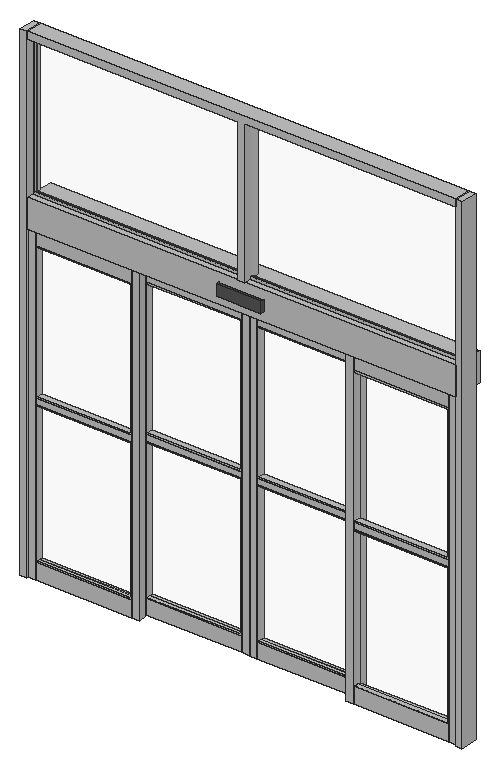
Revit family "Auto-Door_Sliding_BiPart_CurtainWall_Tormax_TX9200", category Doors, Revit 2026
Family settings
  Classification Number = 23.30.10.17.11
  Always vertical = Yes
  Cut with Voids When Loaded = No
  Shared = No
  Room Calculation Point = No
Parameters (values of type "Type as Specified")
  headerdepth = if(HD Drive, 0' 9 1/2", 0' 8")  # 0' - 8"
  Water Penetration = "as Specified"
  Warranty Duration (Years) = 0
  VLT [instance] = 0
  Unit Width [instance] = 9' - 10 3/4"
  Unit Height [instance] = 11' - 0"
  URL = "http://www.tormaxusa.com/"
  U-Factor [instance] = 0
  Transom Height [instance] = 3' - 4"
  Thickness = Frame Thickness  # 0' - 4 1/2"
  Test Data = ""
  Structural Test Pressure = "as Specified"
  Storm Impact Door = no
  Storm Door = no
  Standards Conformance = "as Specified"
  Specification = "http://www.arcat.com/sdspecs/htm/08463tor.htm"
  SpecWizard = ""
  Sensor Color [instance] = Metal - Tormax - Black
  Send Message = "http://www.arcat.com/users.pl?action=UserEmail&company=Tormax+Technologies,+Inc.&coid=43969&rep=108&fax=210-494-5930&mf="
  Sales Information = "http://www.tormaxusa.com/contact.php"
  SHGC [instance] = 0
  Revision = "R1_02-2014"
  ReportPackageWidth [instance] = 9' - 10.88605"
  ReportPackageHeight [instance] = 10' - 11 3/4"
  RO Width [instance] = Unit Width + (RO Spacing_Sides * 2)  # 9' - 11 1/4"
  RO Spacing_Top = 0' - 0 1/4"
  RO Spacing_Sides = 0' - 0 1/4"
  RO Height [instance] = Unit Height + (RO Spacing_Top)  # 11' - 0 1/4"
  Product Properties = ""
  Product Page URL = ""
  Product Data = "http://www.arcat.com/arcatcos/cos43/arc43969.html"
  Panel Width [instance] = (Unit Width / 4) + 0' 0 3/8"  # 2' - 6 1/16"
  Panel Thickness = 0' - 1 3/4"  # constant formula
  Operating Temperature Range = "as Specified"
  Miami Dade Conformance = "as Specified"
  Max Width [instance] = 16' - 0"
  Max Height [instance] = 8' - 8"
  Include Transom = yes
  Has Partial Breakout Capability = yes
  HD Drive = no
  Glazing Tint [instance] = Glass - Tormax - Glazing as Specified
  Glazing Thickness_Transom [instance] = 0' - 0 1/4"
  Glazing Thickness_Sliding Panel [instance] = 0' - 0 1/4"
  Glazing Thickness_Fixed Panel [instance] = 0' - 0 1/4"
  Glazing Stop Width [instance] = if(Storm Impact Door, 0' 1 1/4", 0' 0 1/4")  # 0' - 0 1/4"
  Frame Thickness = 0' - 4 1/2"  # constant formula
  Frame Finish [instance] = Metal - Tormax - Aluminum Finished as Specified
  Fixed Panel Material [instance] = Glass - Tormax - Glazing as Specified
  Egress Width [instance] = Clear Door Opening Width + 0' 8"  # 4' - 7 3/8"
  Door Threshold [instance] = 9200BP : No Threshold
  Door Stile_Operable Leaf_Wide [instance] = not(Door Stile_Operable Leaf_Narrow)  # no
  Door Stile_Operable Leaf_Narrow [instance] = yes
  Door Stile_Fixed Leaf_Wide [instance] = not(Door Stile_Fixed Leaf_Narrow)  # no
  Door Stile_Fixed Leaf_Narrow [instance] = yes
  Door Stile Width_Operable Leaf [instance] = if(Door Stile_Operable Leaf_Narrow, 0' 2 1/8", 0' 5 1/2")  # 0' - 2 1/8"
  Door Stile Width_Fixed Leaf [instance] = if(Door Stile_Fixed Leaf_Narrow, 0' 2 1/8", 0' 5 1/2")  # 0' - 2 1/8"
  Door Bottom Rail_Tall [instance] = not(Door Bottom Rail_Standard)  # no
  Door Bottom Rail_Standard [instance] = yes
  Door Bottom Rail Height [instance] = if(Door Bottom Rail_Standard, 0' 4", 0' 10")  # 0' - 4"
  Define Thermal Properties by = Schematic Type
  Clear Door Opening Width [instance] = (Panel Width - 0' 6 3/8") * 2  # 3' - 11 3/8"
  Clear Door Opening Height [instance] = Unit Height - Transom Height - 0' 7 3/4" - 0' 0 5/8"  # 6' - 11 5/8"
  CL Adjustment Location [instance] = 0' - 0"
  Model = "As Specified in 08463"
  Manufacturer Website = "http://www.tormaxusa.com/"
  Manufacturer Phone - Toll Free = "888-685-3707"
  Manufacturer Phone = "210-494-3551"
  Manufacturer Fax = "210-494-5930"
  Manufacturer Address = "12859 Wetmore Rd. San Antonio, TX 78247"
  Manufacturer = "TORMAX USA Inc."
  Maintenance Schedule (Months) = 0
  Keynote = "08463"
  Installation-Fabrication = ""
  Installation Phase = ""
  Green Building-LEED = "http://www.arcat.com/green/clients/leed_data_43969.html"
  Function = Interior
  Expected Lifespan (Years) = 0
  Drawn By = "Sumex Design, Inc. / Robert S. Weygant, CSI, CDT, SCIP"
  Description = "Tormax Automatic Sliding Door as Specified in 08463"
  Copyright = "©Arcat Inc."
  Construction Details = "http://www.arcat.com/details/tormax/tormax.html?coid=43969"
  CAD Details = ""
  Breakout Angle [instance] = 45.00°
  Backset from Panel CL [instance] = 0' - 0"
  Available Options = "as Specified"
  Assembly Code = "B2030110"
  Analytic Construction = "<None>"
  Air Infiltration = "as Specified"
  Access Control = no
Reference planes (in)
  plane 1 "Center (Front/Back": y = 0
  plane 2: z = 0
  plane 3 "Center (Left/Right)": x = -2.55803
  plane 4 "Left": x = -62.25106
  plane 5 "Right": x = 57.13499
  plane 6 "Top": z = 131.75
  plane 7: y = 0
  plane 8 "Frame CL": y = 0
  plane 9: y = 2.25
  plane 10: y = -2.25
  plane 11: x = -62.00106
  plane 12: x = 56.88499
  plane 13: z = 132
  plane 14: z = 91.75
Text (in)
  text "Exterior" at (-65.12119, 31.38743, 0), in view "Plan"
Dimensions and locks (in)
  equal spacing: plane 4 "Left", plane 3 "Center (Left/Right)", plane 5 "Right"
  "CL Adjustment Location": plane 1 "Center (Front/Back" to plane 7
  "Backset from Panel CL": plane 7 to plane 8 "Frame CL"
  equal spacing: plane 9, plane 8 "Frame CL", plane 10
  locked: plane 9 to plane 10 at 4.5
  "RO Spacing_Sides": plane 4 "Left" to plane 11
  "RO Spacing_Sides": plane 12 to plane 5 "Right"
  "RO Spacing_Top": plane 13 to plane 6 "Top"
  "ReportPackageWidth": plane 11 to plane 12
  "ReportPackageHeight": plane 6 "Top" to level
  "Transom Height": plane 6 "Top" to plane 14
  aligned and locked: nested 1 to plane 3 "Center (Left/Right)"
Nested families (in)
  nested 1: "9200BP" at (-2.55803, 0, 66) x (-1, 0, 0) z (0, 1, 0), stormimpact <- "Storm Impact Door", include transom <- "Include Transom", breakout <- "Has Partial Breakout Capability", accesscontrol <- "Access Control", breakout angle <- "Breakout Angle", doodad finish <- "Sensor Color", fixed glazing thickness <- "Glazing Thickness_Fixed Panel", glazing stop width <- "Glazing Stop Width", Unit Width <- "ReportPackageWidth", Unit Height <- "ReportPackageHeight", transom glazing <- "Glazing Tint", sliding panel glazing <- "Glazing Tint", fixed panel glazing <- "Fixed Panel Material", frame finish <- "Frame Finish", transom height <- "Transom Height", transom glass thickness <- "Glazing Thickness_Transom", stile width_operable <- "Door Stile Width_Operable Leaf", stile width_fixed <- "Door Stile Width_Fixed Leaf", sliding glazing thickness <- "Glazing Thickness_Sliding Panel", bottom rail height <- "Door Bottom Rail Height", type <- "Door Threshold", headerdepth <- "headerdepth", type "No Threshold"
    with transom height 3' - 4", transom glazing Glass - Tormax - Glazing as Specified, transom glass thickness 0' - 0 1/4", stormimpact no, stile width_operable 0' - 2 1/8", stile width_fixed 0' - 2 1/8", sliding panel glazing Glass - Tormax - Glazing as Specified, sliding glazing thickness 0' - 0 1/4", panelheightb 7' - 0", panelheighta 6' - 11 11/16", panel width 2' - 6.03401", panel thickness 0' - 1 3/4", nonimpact yes, locatepanelfromright 0' - 0", locatepanelfromleft 0' - 0", include transom yes, headerdepth 0' - 8", glazing stop width 0' - 0 1/4", frame finish Metal - Tormax - Aluminum Finished as Specified, fixed panel glazing Glass - Tormax - Glazing as Specified, fixed glazing thickness 0' - 0 1/4", doodad finish Metal - Tormax - Black, center rail width 0' - 1 3/4", breakout angle 45.00°, breakout yes, bottom rail height 0' - 4", air space 0' - 0 5/16", accesscontrol no, Unit Width 9' - 10.88605", Unit Height 10' - 11 3/4"
Definition of nested family "9200BP"
  Parameters (values of type "Bevel to Exterior Threshold")
    transom height [instance] = 3' - 4 3/16"
    transom glazing [instance] = none
    transom glass thickness [instance] = 0' - 1"
    surface threshold = yes
    stormimpact [instance] = no
    stile width_operable [instance] = 0' - 2 1/8"
    panelheightb [instance] = Unit Height - transom height - 0' 7 3/4" - (air space - 0' 0 5/16")  # 6' - 11 9/16"
    panelheighta [instance] = Unit Height - transom height - 0' 7 3/4" - air space  # 6' - 11 1/4"
    nonimpact [instance] = not(stormimpact)  # yes
    stile width_fixed [instance] = 0' - 2 1/8"
    sliding panel glazing [instance] = none
    panel width [instance] = (Unit Width + 0' 1 1/4") / 4  # 1' - 9 5/16"
    panel thickness [instance] = 0' - 1 3/4"
    locatepanelfromright [instance] = 0' - 0"  # constant formula
    locatepanelfromleft [instance] = 0' - 0"  # constant formula
    include transom [instance] = yes
    sliding glazing thickness [instance] = 0' - 0 1/2"
    headerdepth [instance] = 0' - 8"
    glazing stop width [instance] = 0' - 0 1/4"
    frame finish [instance] = none
    fixed panel glazing [instance] = none
    fixed glazing thickness [instance] = 0' - 0 1/4"
    doodad finish [instance] = none
    center rail width [instance] = if(accesscontrol, 0' 4 1/2", 0' 1 3/4")  # 0' - 4 1/2"
    breakout angle [instance] = 45.00°
    breakout [instance] = yes
    bottom rail height [instance] = 0' - 4"
    air space [instance] = if(surface threshold, 0' 0 13/16", 0' 0 5/16")  # 0' - 0 13/16"
    accesscontrol [instance] = yes
    Warranty Duration (Years) = 0
    Unit Width [instance] = 7' - 0"
    Unit Height [instance] = 11' - 0"
    Unit Depth = 2' - 8"
    URL = ""
    Threshold_recessed = no
    Threshold_double bevel = no
    Threshold_bevel interior = no
    Threshold_bevel exterior = yes
    Thickness = 0' - 2 1/8"
    Specification = ""
    SpecWizard = ""
    Send Message = ""
    Sales Information = ""
    Revision = "R1_01-2014"
    Product Properties = ""
    Product Data = ""
    Model = "As Specified"
    Manufacturer Website = ""
    Manufacturer Phone - Toll Free = ""
    Manufacturer Phone = ""
    Manufacturer Fax = ""
    Manufacturer Address = ""
    Manufacturer = ""
    Maintenance Schedule (Months) = 0
    Keynote = ""
    Installation-Fabrication = ""
    Installation Phase = ""
    Green Building-LEED = ""
    Expected Lifespan (Years) = 0
    Drawn By = "Sumex Design, Inc. / Robert S. Weygant, CSI, CDT, SCIP"
    Description = ""
    Define Thermal Properties by = 1
    Default Elevation = 0' - 0"
    Copyright = "©Arcat Inc."
    Construction Details = ""
    Assembly Code = ""
    Analytic Construction = "<None>"
  Types (5): name | surface threshold | stormimpact | stile width_operable | panelheightb | panelheighta | nonimpact | stile width_fixed | air space | Threshold_recessed | Threshold_double bevel | Threshold_bevel interior | Threshold_bevel exterior
    No Threshold | no | yes | 0' - 5 1/2" | 7' - 0 1/16" | 6' - 11 3/4" | no | 0' - 5 1/2" | 0' - 0 5/16" | no | no | no | no
    Recessed Threshold | no | yes | 0' - 2 1/8" | 7' - 0 1/16" | 6' - 11 3/4" | no | 0' - 2 1/8" | 0' - 0 5/16" | yes | no | no | no
    Bevel to Exterior Threshold | yes | no | 0' - 2 1/8" | 6' - 11 9/16" | 6' - 11 1/4" | yes | 0' - 2 1/8" | 0' - 0 13/16" | no | no | no | yes
    Bevel to Interior Threshold | yes | yes | 0' - 2 1/8" | 6' - 11 9/16" | 6' - 11 1/4" | no | 0' - 2 1/8" | 0' - 0 13/16" | no | no | yes | no
    Double Bevel Threshold | yes | yes | 0' - 2 1/8" | 6' - 11 9/16" | 6' - 11 1/4" | no | 0' - 2 1/8" | 0' - 0 13/16" | no | yes | no | no
  Reference planes (in)
    plane 1 "Center (Front/Back)": y = 0
    plane 2 "Bottom": z = 0
    plane 3 "Center (Left/Right)": x = 0
    plane 4 "FF": y = -66
    plane 5 "Top": y = 66
    plane 6 "Left": x = -42
    plane 7 "Right": x = 42
    plane 8: y = 25.8125
    plane 9: z = 0.5
    plane 10: z = -0.5
    plane 11: x = -40.25
    plane 12: x = 40.25
    plane 13: x = 0
    plane 14: y = -65.1875
    plane 15: z = 2.25
    plane 16: x = 40.25
    plane 17: z = -1.75
    plane 18: y = 18.0625
    plane 19: x = 10.65625
    plane 20: x = -20.125
    plane 21: x = 20.125
    plane 22: x = -10.65625
    plane 23: y = -65.5
    plane 24: z = -2.25
    plane 25: z = 5.75
  Forms (in)
    Extrusion 1, solid, material <- "frame finish"
      sketch origin (0, 0, 0) x (1, 0, 0) y (0, 0, 1)
        loop
          line (-42, -2.25) -> (-40.25, -2.25) -> (-40.25, 2.25) -> (-42, 2.25) -> (-42, -2.25)
        loop
          line (40.25, -2.25) -> (42, -2.25) -> (42, 2.25) -> (40.25, 2.25) -> (40.25, -2.25)
      from -66 to 66
    Extrusion 2, solid, material <- "frame finish", visible <- "include transom"
      sketch origin (0, 0, 0) x (0, 1, 0) y (0, 0, 1)
        loop
          line (66, 2.25) -> (64.1875, 2.25) -> (64.1875, -2.25) -> (66, -2.25) -> (66, 2.25)
      from -40.25 to 40.25
    Extrusion 3, solid, material <- "frame finish"
      sketch origin (0, 0, 0) x (0, 1, 0) y (0, 0, 1)
        loop
          line (25.8125, -2.25) -> (25.8125, 5.75) -> (18.0625, 5.75) -> (18.0625, -2.25) -> (25.8125, -2.25)
      from -40.25 to 40.25
    Extrusion 4, solid, material <- "transom glazing", visible <- "include transom"
      sketch origin (0, 0, 0) x (0, 1, 0) y (0, 0, 1)
        loop
          line (25.8125, -0.5) -> (64.1875, -0.5) -> (64.1875, 0.5) -> (25.8125, 0.5) -> (25.8125, -0.5)
      from -40.25 to 40.25
    Sweep 5, solid, material <- "frame finish", visible <- "include transom"
      path origin (0, 0, 0) x (1, 0, 0) y (0, 1, 0)
        loop
          line (-40.25, 64.1875) -> (-40.25, 25.8125) -> (40.25, 25.8125) -> (40.25, 64.1875) -> (-40.25, 64.1875)
      profile origin (0, 64.1875, 0) x (0, 1, 0) y (0, 0, 1)
        loop
          line (0, 0.5) -> (0, 0.5625) -> (-0.75, 0.5625) -> (-0.75, 0.5) -> (0, 0.5)
        loop
          line (0, -0.5) -> (-0.75, -0.5) -> (-0.75, -0.75) -> (0, -0.75) -> (0, -0.5)
    Extrusion 6, solid, material <- "frame finish", visible <- "Threshold_recessed"
      sketch origin (0, 0, 0) x (0, 1, 0) y (0, 0, 1)
        loop
          line (-66, 2.25) -> (-66.5, 2.25) -> (-66.5, -2.25) -> (-66, -2.25) -> (-66, 2.25)
      from -40.25 to 40.25
    Extrusion 7, solid, material <- "frame finish", visible <- "Threshold_bevel exterior"
      sketch origin (0, 0, 0) x (0, 1, 0) y (0, 0, 1)
        loop
          line (-66, -2.25) -> (-65.5, -2.25) -> (-65.5, 2.25) -> (-66, 4.25) -> (-66, -2.25)
      from -40.25 to 40.25
    Extrusion 8, solid, material <- "frame finish", visible <- "Threshold_bevel interior"
      sketch origin (0, 0, 0) x (0, 1, 0) y (0, 0, 1)
        loop
          line (-65.5, -2.25) -> (-65.5, 2.25) -> (-66, 2.25) -> (-66, -4.25) -> (-65.5, -2.25)
      from -40.25 to 40.25
    Extrusion 9, solid, material <- "frame finish", visible <- "Threshold_double bevel"
      sketch origin (0, 0, 0) x (0, 1, 0) y (0, 0, 1)
        loop
          line (-66, 4.25) -> (-66, -4.25) -> (-65.5, -2.25) -> (-65.5, 2.25) -> (-66, 4.25)
      from -40.25 to 40.25
    Extrusion 10, solid, material <- "doodad finish"
      sketch origin (0, 0, 0) x (0, 1, 0) y (0, 0, 1)
        loop
          line (23.4375, 5.75) -> (23.4375, 6.5) -> (20.4375, 6.5) -> (20.4375, 5.75) -> (23.4375, 5.75)
        loop
          line (23.4375, -3) -> (23.4375, -2.25) -> (20.4375, -2.25) -> (20.4375, -3) -> (23.4375, -3)
      from -6 to 6
    Extrusion 11, solid, material <- "frame finish", visible <- "include transom"
      sketch origin (0, 0, 0) x (0, 1, 0) y (0, 0, 1)
        loop
          line (64.1875, 2.25) -> (25.8125, 2.25) -> (25.8125, -2.25) -> (64.1875, -2.25) -> (64.1875, 2.25)
      from -0.875 to 0.875
  Cuts and joins
    joined: Extrusion 2, Extrusion 11
  Dimensions and locks (in)
    "Unit Width": plane 6 "Left" to plane 7 "Right"
    equal spacing: plane 5 "Top", plane 1 "Center (Front/Back)", plane 4 "FF"
    "Unit Height": plane 5 "Top" to plane 4 "FF"
    "transom height": plane 5 "Top" to plane 8
    locked: Extrusion 2 sketch curve to plane 5 "Top" at 1.8125
    locked: Extrusion 3 sketch curve to plane 8 at 7.75
    equal spacing: plane 10, level, plane 9
    "transom glass thickness": plane 10 to plane 9
    locked: Extrusion 4 sketch curve to plane 5 "Top" at 1.8125
    locked: plane 6 "Left" to Sweep 5 sketch curve at 1.75
    locked: Sweep 5 sketch curve to plane 7 "Right" at 1.75
    locked: plane 5 "Top" to Sweep 5 sketch curve at 1.8125
    locked: plane 9 to Sweep 5 sketch curve at 0.0625
    Sweep 5 sketch curve to Sweep 5 sketch curve to plane 5 "Top" = 0' - 0 3/4" locked, 0' - 1 13/16" locked  (x2)
    locked: Sweep 5 sketch curve to plane 10 at 0.25
    locked: plane 12 to plane 7 "Right" at 1.75
    locked: plane 6 "Left" to plane 11 at 1.75
    "air space": plane 14 to plane 4 "FF"
    locked: plane 18 to plane 8 at 7.75
    locked: plane 15 to level at 2.25
    plane 13 to plane 19 = 0' - 10 21/32"
    Extrusion 1 sketch curve to level to Extrusion 1 sketch curve = 0' - 2 1/4" locked, 0' - 2 1/4" locked  (x2)
    Extrusion 6 sketch curve to level to Extrusion 6 sketch curve = 0' - 2 1/4" locked, 0' - 2 1/4" locked
    locked: Extrusion 6 sketch curve to plane 4 "FF" at 0.5
    Extrusion 7 sketch curve to level to Extrusion 7 sketch curve to Extrusion 7 sketch curve = 0' - 2 1/4" locked, 0' - 2 1/4" locked, 0' - 2" locked
    Extrusion 8 sketch curve to Extrusion 8 sketch curve to level to Extrusion 8 sketch curve = 0' - 2" locked, 0' - 2 1/4" locked, 0' - 2 1/4" locked
    Extrusion 9 sketch curve to Extrusion 9 sketch curve to level to Extrusion 9 sketch curve to Extrusion 9 sketch curve = 0' - 2" locked, 0' - 2 1/4" locked, 0' - 2 1/4" locked, 0' - 2" locked
    locked: plane 4 "FF" to Extrusion 9 sketch curve at 0.5
    locked: plane 4 "FF" to Extrusion 7 sketch curve at 0.5
    locked: plane 4 "FF" to Extrusion 8 sketch curve at 0.5
    locked: plane 18 to Extrusion 10 sketch curve at 2.375  (x2)
    locked: Extrusion 10 sketch curve to plane 8 at 2.375  (x2)
    level to Extrusion 10 sketch curve to Extrusion 10 sketch curve = 0' - 2 1/4" locked, 0' - 0 3/4" locked
    equal spacing: plane 11, plane 20, plane 3 "Center (Left/Right)", plane 21, plane 12
    locked: plane 12 to plane 16
    plane 13 to plane 22 = 0' - 10 21/32"
    locked: level to plane 24 at 2.25
    locked: plane 17 to plane 24 at 0.5
    locked: plane 14 to plane 23 at 0.3125
    "headerdepth": plane 24 to plane 25
    locked: plane 25 to Extrusion 10 sketch curve at 0.75
    locked: Extrusion 11 sketch curve to plane 5 "Top" at 1.8125
    aligned and locked: Extrusion 1 to plane 5 "Top"
    aligned and locked: Extrusion 1 to plane 4 "FF"
    aligned and locked: plane 5 "Top" to Extrusion 2 sketch curve
    aligned and locked: plane 8 to Extrusion 3 sketch curve
    aligned and locked: plane 8 to Extrusion 4 sketch curve
    aligned and locked: Sweep 5 sketch curve to plane 8
    aligned and locked: plane 9 to Sweep 5 sketch curve
    aligned and locked: plane 10 to Sweep 5 sketch curve
    aligned and locked: plane 11 to Extrusion 1 sketch curve
    aligned and locked: plane 12 to Extrusion 1 sketch curve
    aligned and locked: Extrusion 1 sketch curve to plane 7 "Right"
    aligned and locked: plane 6 "Left" to Extrusion 1 sketch curve
    aligned and locked: Extrusion 2 to plane 11
    aligned and locked: Extrusion 4 to plane 11
    aligned and locked: plane 12 to Extrusion 4
    aligned and locked: plane 12 to Extrusion 2
    aligned and locked: plane 12 to Extrusion 3
    aligned and locked: Extrusion 3 to plane 11
    aligned and locked: plane 4 "FF" to Extrusion 6 sketch curve
    aligned and locked: Extrusion 9 sketch curve to plane 4 "FF"
    aligned and locked: plane 4 "FF" to Extrusion 7 sketch curve
    aligned and locked: plane 4 "FF" to Extrusion 8 sketch curve
    aligned and locked: plane 16 to Extrusion 7
    aligned and locked: plane 16 to Extrusion 9
    aligned: plane 13 to Extrusion 9
    aligned: plane 13 to Extrusion 7
    aligned and locked: plane 16 to Extrusion 8
    aligned: plane 13 to Extrusion 8
    aligned and locked: plane 16 to Extrusion 6
    aligned: plane 13 to Extrusion 6
    aligned and locked: plane 13 to plane 3 "Center (Left/Right)"
    aligned and locked: plane 11 to Extrusion 9
    aligned and locked: plane 11 to Extrusion 7
    aligned and locked: plane 11 to Extrusion 8
    aligned and locked: plane 11 to Extrusion 6
    aligned and locked: nested 2 to plane 14
    aligned and locked: plane 14 to nested 1
    aligned and locked: plane 15 to nested 1
    aligned and locked: nested 2 to plane 15
    aligned and locked: plane 23 to nested 3
    aligned and locked: plane 23 to nested 4
    aligned and locked: nested 4 to plane 17
    aligned and locked: nested 3 to plane 17
    aligned and locked: plane 11 to nested 3
    aligned and locked: plane 16 to nested 4
    aligned and locked: Extrusion 3 to plane 25
    aligned and locked: Extrusion 10 sketch curve to plane 25
    aligned and locked: nested 1 to plane 3 "Center (Left/Right)"
    aligned and locked: nested 2 to plane 3 "Center (Left/Right)"
    aligned and locked: plane 8 to Extrusion 11 sketch curve
  Automatic sketch dimensions
    Extrusion 2 sketch curve to level = 0' - 2 1/4"
    level to Extrusion 2 sketch curve = 0' - 2 1/4"
    Extrusion 3 sketch curve to level = 0' - 2 1/4"
    level to Extrusion 3 sketch curve = 0' - 5 3/4"
    plane 10 to Extrusion 4 sketch curve = 0' - 0"
    plane 9 to Extrusion 4 sketch curve = 0' - 0"
    plane 24 to Extrusion 11 sketch curve = 0' - 0"
    Extrusion 11 sketch curve to plane 15 = 0' - 0"
  Nested families (in)
    nested 1: "FramedPanel" at (10.65625, -23.5625, 1.375), stilewidth <- "stile width_operable", glazing thickness <- "sliding glazing thickness", glassstopwidth <- "glazing stop width", bottomrailheight <- "bottom rail height", Width <- "panel width", breakout angle <- "breakout angle", nonimpact <- "nonimpact", stormimpact <- "stormimpact", frame finish <- "frame finish", fixed panel glazing <- "sliding panel glazing", Height <- "panelheighta", centerrail <- "center rail width", doodad <- "doodad finish", type "FramedPanel"
      with stormimpact no, stilewidth 0' - 2 1/8", rightchannel yes, partialbreakout yes, nonimpact yes, leftchannel no, glazing thickness 0' - 0 1/2", glassstopwidth 0' - 0 1/4", frame finish none, fixed panel glazing none, doodad none, directionalarrowinterior yes, directionalarrowexterior no, centerrail 0' - 4 1/2", breakoutswing yes, breakout angle 45.00°, bottomrailheightactual 0' - 4", bottomrailheight 0' - 4", airspaceunderdoor 0' - 0", built-in parameter 1001301 1' - 9 5/16", built-in parameter 1001300 6' - 11 1/4"
    nested 2: "FramedPanel" at (-10.65625, -23.5625, 1.375) x (-1, 0, 0) z (0, 0, 1), stilewidth <- "stile width_operable", glazing thickness <- "sliding glazing thickness", glassstopwidth <- "glazing stop width", bottomrailheight <- "bottom rail height", Width <- "panel width", breakout angle <- "breakout angle", nonimpact <- "nonimpact", stormimpact <- "stormimpact", frame finish <- "frame finish", fixed panel glazing <- "sliding panel glazing", Height <- "panelheighta", centerrail <- "center rail width", doodad <- "doodad finish", type "FramedPanel"
      with stormimpact no, stilewidth 0' - 2 1/8", rightchannel yes, partialbreakout yes, nonimpact yes, leftchannel no, glazing thickness 0' - 0 1/2", glassstopwidth 0' - 0 1/4", frame finish none, fixed panel glazing none, doodad none, directionalarrowinterior yes, directionalarrowexterior no, centerrail 0' - 4 1/2", breakoutswing yes, breakout angle 45.00°, bottomrailheightactual 0' - 4", bottomrailheight 0' - 4", airspaceunderdoor 0' - 0", built-in parameter 1001301 1' - 9 5/16", built-in parameter 1001300 6' - 11 1/4"
    nested 3: "FramedPanel" at (-29.59375, -23.71875, -0.875), bottomrailheight <- "bottom rail height", stilewidth <- "stile width_fixed", glazing thickness <- "fixed glazing thickness", glassstopwidth <- "glazing stop width", Width <- "panel width", nonimpact <- "nonimpact", stormimpact <- "stormimpact", frame finish <- "frame finish", fixed panel glazing <- "fixed panel glazing", Height <- "panelheightb", centerrail <- "center rail width", doodad <- "doodad finish", type "FramedPanel"
      with stormimpact no, stilewidth 0' - 2 1/8", rightchannel no, partialbreakout no, nonimpact yes, leftchannel no, glazing thickness 0' - 0 1/4", glassstopwidth 0' - 0 1/4", frame finish none, fixed panel glazing none, doodad none, directionalarrowinterior no, directionalarrowexterior no, centerrail 0' - 4 1/2", breakoutswing no, breakout angle 45.00°, bottomrailheightactual 0' - 4 5/16", bottomrailheight 0' - 4", airspaceunderdoor 0' - 0 5/16", built-in parameter 1001301 1' - 9 5/16", built-in parameter 1001300 6' - 11 9/16"
    nested 4: "FramedPanel" at (29.59375, -23.71875, -0.875), bottomrailheight <- "bottom rail height", stilewidth <- "stile width_fixed", glazing thickness <- "fixed glazing thickness", glassstopwidth <- "glazing stop width", Width <- "panel width", nonimpact <- "nonimpact", stormimpact <- "stormimpact", frame finish <- "frame finish", fixed panel glazing <- "fixed panel glazing", Height <- "panelheightb", centerrail <- "center rail width", doodad <- "doodad finish", type "FramedPanel"
      with stormimpact no, stilewidth 0' - 2 1/8", rightchannel no, partialbreakout no, nonimpact yes, leftchannel no, glazing thickness 0' - 0 1/4", glassstopwidth 0' - 0 1/4", frame finish none, fixed panel glazing none, doodad none, directionalarrowinterior no, directionalarrowexterior no, centerrail 0' - 4 1/2", breakoutswing no, breakout angle 45.00°, bottomrailheightactual 0' - 4 5/16", bottomrailheight 0' - 4", airspaceunderdoor 0' - 0 5/16", built-in parameter 1001301 1' - 9 5/16", built-in parameter 1001300 6' - 11 9/16"
  Definition of nested family "FramedPanel"
    Parameters (values of type "FramedPanel")
      stormimpact [instance] = yes
      stilewidth [instance] = 0' - 2 3/16"
      rightchannel [instance] = yes
      partialbreakout [instance] = yes
      nonimpact [instance] = no
      leftchannel [instance] = yes
      glazing thickness [instance] = 0' - 0 3/4"
      glassstopwidth [instance] = 0' - 0 1/4"
      frame finish [instance] = none
      fixed panel glazing [instance] = none
      doodad [instance] = none
      directionalarrowinterior [instance] = yes
      directionalarrowexterior [instance] = yes
      centerrail [instance] = 0' - 4 1/2"
      breakoutswing [instance] = yes
      breakout angle [instance] = 45.00°
      bottomrailheightactual [instance] = bottomrailheight + airspaceunderdoor  # 0' - 6 1/2"
      bottomrailheight [instance] = 0' - 6"
      airspaceunderdoor [instance] = 0' - 0 1/2"
      Width [instance] = 2' - 8"
      Warranty Duration (Years) = 0
      URL = ""
      Specification = ""
      SpecWizard = ""
      Send Message = ""
      Sales Information = ""
      Revision = "R1_01-2014"
      Product Properties = ""
      Product Data = ""
      Model = "As Specified"
      Manufacturer Website = ""
      Manufacturer Phone - Toll Free = ""
      Manufacturer Phone = ""
      Manufacturer Fax = ""
      Manufacturer Address = ""
      Manufacturer = ""
      Maintenance Schedule (Months) = 0
      Keynote = ""
      Installation-Fabrication = ""
      Installation Phase = ""
      Height [instance] = 6' - 0"
      Green Building-LEED = ""
      Expected Lifespan (Years) = 0
      Drawn By = "Sumex Design, Inc. / Robert S. Weygant, CSI, CDT, SCIP"
      Description = ""
      Define Thermal Properties by = 1
      Default Elevation = 0' - 0"
      Copyright = "©Arcat Inc."
      Construction Details = ""
      Assembly Code = ""
      Analytic Construction = "<None>"
    Reference planes (in)
      plane 1 "Center (Front/Back)": y = 0
      plane 2 "Bottom": z = 0
      plane 3 "Center (Left/Right)": x = 0
      plane 4 "Front": y = -36
      plane 5 "Back": y = 36
      plane 6 "Left": x = -16
      plane 7 "Right": x = 16
      plane 8 "Side1": z = 0.875
      plane 9: z = -0.875
      plane 10: z = 0.375
      plane 11: z = -0.375
      plane 12: y = -29.5
      plane 13: y = -29.25
      plane 14: x = -13.8125
      plane 15: y = 32.5
      plane 16: y = 7.25
      plane 17: y = 9.5
      plane 18: y = 5
      plane 19: y = 9.75
      plane 20: y = 4.75
      plane 21: x = -13.5625
      plane 22: x = 13.8125
      plane 23: y = 32.25
      plane 24: y = -35.5
      plane 25: y = 0.25
      plane 26: x = 13.5625
    Forms (in)
      Extrusion 1, solid, material <- "frame finish"
        sketch origin (-14.75, 57.80249, -0.875) x (1, 0, 0) y (0, 1, 0)
          loop
            line (30.75, -21.80249) -> (28.5625, -21.80249) -> (28.5625, -93.80249) -> (30.75, -93.80249) -> (30.75, -21.80249)
          loop
            line (-1.25, -21.80249) -> (-1.25, -93.80249) -> (0.9375, -93.80249) -> (0.9375, -21.80249) -> (-1.25, -21.80249)
        from 0 to 1.75
      Extrusion 2, solid, material <- "frame finish"
        sketch origin (-14.75, 57.80249, -0.875) x (1, 0, 0) y (0, 1, 0)
          loop
            line (0.9375, -21.80249) -> (0.9375, -25.30249) -> (28.5625, -25.30249) -> (28.5625, -21.80249) -> (0.9375, -21.80249)
        from 0 to 1.75
      Extrusion 3, solid, material <- "frame finish", visible <- "nonimpact"
        sketch origin (-14.75, 57.80249, -0.875) x (1, 0, 0) y (0, 1, 0)
          loop
            line (0.9375, -48.30249) -> (0.9375, -52.80249) -> (28.5625, -52.80249) -> (28.5625, -48.30249) -> (0.9375, -48.30249)
        from 0 to 1.75
      Extrusion 4, solid, material <- "frame finish"
        sketch origin (-14.75, 57.80249, -0.875) x (1, 0, 0) y (0, 1, 0)
          loop
            line (28.5625, -87.30249) -> (0.9375, -87.30249) -> (0.9375, -93.80249) -> (28.5625, -93.80249) -> (28.5625, -87.30249)
        from 0 to 1.75
      Extrusion 5, solid, material <- "frame finish", visible <- "nonimpact"
        sketch origin (-14.75, 57.80249, -0.875) x (1, 0, 0) y (0, 1, 0)
          loop
            line (0.9375, -25.30249) -> (0.9375, -48.30249) -> (28.5625, -48.30249) -> (28.5625, -25.30249) -> (0.9375, -25.30249)
          loop
            line (1.1875, -48.05249) -> (28.3125, -48.05249) -> (28.3125, -25.55249) -> (1.1875, -25.55249) -> (1.1875, -48.05249)
        from 0 to 1.75
      Extrusion 6, solid, material <- "frame finish", visible <- "nonimpact"
        sketch origin (-14.75, 57.80249, -0.875) x (1, 0, 0) y (0, 1, 0)
          loop
            line (0.9375, -52.80249) -> (0.9375, -87.30249) -> (28.5625, -87.30249) -> (28.5625, -52.80249) -> (28.3125, -52.80249) -> (28.3125, -87.05249) -> (1.1875, -87.05249) -> (1.1875, -52.80249) -> (0.9375, -52.80249)
        from 0 to 1.75
      Extrusion 7, solid, material <- "frame finish", visible <- "nonimpact"
        sketch origin (-14.75, 57.80249, -0.875) x (1, 0, 0) y (0, 1, 0)
          loop
            line (1.1875, -52.80249) -> (1.1875, -53.05249) -> (28.3125, -53.05249) -> (28.3125, -52.80249) -> (1.1875, -52.80249)
        from 0 to 1.75
      Extrusion 8, solid, material <- "frame finish", visible <- "stormimpact"
        sketch origin (-14.75, 57.80249, -0.875) x (1, 0, 0) y (0, 1, 0)
          loop
            line (0.9375, -25.30249) -> (0.9375, -87.30249) -> (28.5625, -87.30249) -> (28.5625, -25.30249) -> (28.3125, -25.30249) -> (28.3125, -87.05249) -> (1.1875, -87.05249) -> (1.1875, -25.30249) -> (0.9375, -25.30249)
        from 0 to 1.75
      Extrusion 9, solid, material <- "frame finish", visible <- "stormimpact"
        sketch origin (-14.75, 57.80249, -0.875) x (1, 0, 0) y (0, 1, 0)
          loop
            line (1.1875, -25.30249) -> (1.1875, -25.55249) -> (28.3125, -25.55249) -> (28.3125, -25.30249) -> (1.1875, -25.30249)
        from 0 to 1.75
      Extrusion 10, solid, material <- "fixed panel glazing"
        sketch origin (-14.75, 57.80249, -0.875) x (1, 0, 0) y (0, 1, 0)
          loop
            line (1.1875, -25.55249) -> (1.1875, -87.05249) -> (28.3125, -87.05249) -> (28.3125, -25.55249) -> (1.1875, -25.55249)
        from 0.5 to 1.25
      Extrusion 11, solid, material <- "doodad", visible <- "rightchannel"
        sketch origin (0, 0, 0) x (1, 0, 0) y (0, 0, 1)
          loop
            line (14.65625, -0.875) -> (14.65625, -1.375) -> (15.15625, -1.375) -> (15.15625, -0.875) -> (14.65625, -0.875)
        from -36 to 36
      Extrusion 12, solid, material <- "doodad", visible <- "leftchannel"
        sketch origin (-29.8125, 0, 0) x (1, 0, 0) y (0, 0, 1)
          loop
            line (14.65625, -0.875) -> (14.65625, -1.375) -> (15.15625, -1.375) -> (15.15625, -0.875) -> (14.65625, -0.875)
        from -36 to 36
    Lines and regions (in)
      Masking region 1, visible <- "directionalarrowexterior"
        outline origin (0, 0, 0) x (1, 0, 0) y (0, 0, 1)
          loop
            line (-2.23256, 3.10174) -> (2.23256, 3.10174) -> (2.23256, 2.125) -> (3.76744, 3.65988) -> (2.23256, 5.19477) -> (2.23256, 4.21802) -> (-2.23256, 4.21802) -> (-2.23256, 3.10174)
      Masking region 2, visible <- "directionalarrowinterior"
        outline origin (0, 0, -9.75) x (1, 0, 0) y (0, 0, 1)
          loop
            line (-2.23256, 5.53198) -> (2.23256, 5.53198) -> (2.23256, 4.55523) -> (3.76744, 6.09012) -> (2.23256, 7.625) -> (2.23256, 6.64826) -> (-2.23256, 6.64826) -> (-2.23256, 5.53198)
      reference lines
        curve 1: line (-13.5625, -8.19751, -0.5) -> (-13.5625, -8.19751, 19)
        curve 6: line (16, 0, 0.875) -> (7.51472, 0, 9.36028)
      symbolic lines, visible <- "breakoutswing"
        curve 2: line (-16, 36, 0) -> (16, 0.25, 0)
        curve 3: line (16, 0.25, 0) -> (-16, -35.5, 0)
      model lines, visible <- "breakoutswing"
        curve 4: arc (-16, -36, 0.875) -> (-13.56415, -36, 13.12087) -> (-6.62742, -36, 23.50242) r 32
      model lines, visible <- "partialbreakout"
        curve 5: line (16, -36, 0.875) -> (-6.62742, -36, 23.50242)
      symbolic lines, visible <- "partialbreakout"
        curve 7: line (-6.62742, 0, 23.50242) -> (-7.86485, 0, 22.26498)
        curve 8: line (-7.86485, 0, 22.26498) -> (14.76256, 0, -0.36244)
        curve 9: line (16, 0, 0.875) -> (14.76256, 0, -0.36244)
    Dimensions and locks (in)
      equal spacing: plane 6 "Left", plane 3 "Center (Left/Right)", plane 7 "Right"
      "Width": plane 6 "Left" to plane 7 "Right"
      equal spacing: plane 5 "Back", plane 1 "Center (Front/Back)", plane 4 "Front"
      "Height": plane 5 "Back" to plane 4 "Front"
      locked: plane 8 "Side1" to level at 0.875
      locked: level to plane 9 at 0.875
      equal spacing: plane 10, level, plane 11
      "glazing thickness": plane 10 to plane 11
      "bottomrailheight": plane 12 to plane 24
      "glassstopwidth": plane 13 to plane 12
      "stilewidth": plane 6 "Left" to plane 14
      locked: plane 5 "Back" to plane 15 at 3.5
      locked: plane 16 to plane 24 at 42.75
      equal spacing: plane 17, plane 16, plane 18
      "glassstopwidth": plane 19 to plane 17
      "glassstopwidth": plane 18 to plane 20
      "glassstopwidth": plane 14 to plane 21
      "stilewidth": plane 22 to plane 7 "Right"
      "glassstopwidth": plane 15 to plane 23
      "airspaceunderdoor": plane 24 to plane 4 "Front"
      equal spacing: plane 5 "Back", plane 25, plane 24
      "glassstopwidth": plane 26 to plane 22
      "Width": curve 7 to curve 9
      "bottomrailheightactual": plane 12 to Extrusion 4 sketch curve
      "bottomrailheightactual": plane 12 to Extrusion 1 sketch curve  (x2)
      plane 22 to Extrusion 11 sketch curve to Extrusion 11 sketch curve = 0' - 0 27/32" locked, 0' - 0 1/2" locked
      locked: Extrusion 12 sketch curve to Extrusion 12 sketch curve at 0.5
      locked: plane 14 to Extrusion 12 sketch curve at 0.84375
      "centerrail": plane 17 to plane 18
      Masking region 1 sketch curve to Masking region 1 sketch curve to Masking region 1 sketch curve to plane 3 "Center (Left/Right)" to Masking region 1 sketch curve = 0' - 1.53488" locked, 0' - 0" locked, 0' - 2.23256" locked, 0' - 2.23256" locked
      Masking region 2 sketch curve to Masking region 2 sketch curve to Masking region 2 sketch curve to plane 3 "Center (Left/Right)" to Masking region 2 sketch curve = 0' - 1.53488" locked, 0' - 0" locked, 0' - 2.23256" locked, 0' - 2.23256" locked
      "Width": radius of curve 4
      "breakout angle": angle curve 5 to plane 8 "Side1"
      "breakout angle": angle curve 6 to plane 8 "Side1"
      aligned: Extrusion 4 to plane 4 "Front"
      aligned and locked: plane 12 to Extrusion 4
      aligned and locked: Extrusion 8 to plane 12
      aligned and locked: plane 13 to Extrusion 8
      aligned and locked: Extrusion 6 to plane 12
      aligned and locked: plane 13 to Extrusion 6
      aligned and locked: Extrusion 10 to plane 13
      aligned and locked: plane 6 "Left" to Extrusion 1 sketch curve
      aligned and locked: Extrusion 1 sketch curve to plane 14
      aligned and locked: plane 7 "Right" to Extrusion 1 sketch curve
      aligned and locked: Extrusion 8 sketch curve to plane 21
      aligned and locked: Extrusion 8 sketch curve to plane 14
      aligned and locked: plane 22 to Extrusion 8 sketch curve
      aligned and locked: plane 15 to Extrusion 8 sketch curve  (x2)
      aligned and locked: plane 21 to Extrusion 7 sketch curve
      aligned and locked: Extrusion 7 sketch curve to plane 20
      aligned and locked: plane 18 to Extrusion 7 sketch curve
      aligned and locked: plane 18 to Extrusion 6 sketch curve  (x2)
      aligned and locked: Extrusion 6 sketch curve to plane 14
      aligned and locked: Extrusion 6 sketch curve to plane 21
      aligned and locked: plane 22 to Extrusion 6 sketch curve
      aligned and locked: Extrusion 6 sketch curve to plane 12
      aligned and locked: plane 13 to Extrusion 6 sketch curve
      aligned and locked: plane 18 to Extrusion 3 sketch curve
      aligned and locked: Extrusion 3 sketch curve to plane 17
      aligned and locked: plane 14 to Extrusion 3 sketch curve
      aligned and locked: plane 17 to Extrusion 5 sketch curve
      aligned and locked: Extrusion 5 sketch curve to plane 19
      aligned and locked: plane 14 to Extrusion 5 sketch curve
      aligned and locked: plane 21 to Extrusion 5 sketch curve
      aligned and locked: Extrusion 5 sketch curve to plane 15
      aligned and locked: plane 23 to Extrusion 5 sketch curve
      aligned and locked: Extrusion 2 sketch curve to plane 15
      aligned and locked: Extrusion 2 sketch curve to plane 14
      aligned and locked: plane 5 "Back" to Extrusion 2 sketch curve
      aligned and locked: Extrusion 9 sketch curve to plane 23
      aligned and locked: plane 15 to Extrusion 9 sketch curve
      aligned and locked: plane 21 to Extrusion 9 sketch curve
      aligned and locked: Extrusion 1 sketch curve to plane 5 "Back"  (x2)
      aligned: plane 7 "Right" to Extrusion 4
      aligned and locked: Extrusion 10 sketch curve to plane 21
      aligned and locked: Extrusion 10 sketch curve to plane 23
      aligned and locked: plane 13 to Extrusion 10 sketch curve
      aligned and locked: Extrusion 4 sketch curve to plane 14
      aligned and locked: plane 12 to Extrusion 4 sketch curve
      aligned and locked: plane 24 to curve 3
      aligned and locked: plane 6 "Left" to curve 3
      aligned and locked: plane 5 "Back" to curve 2
      aligned and locked: plane 6 "Left" to curve 2
      aligned and locked: plane 10 to Extrusion 10
      aligned and locked: Extrusion 10 to plane 11
      aligned and locked: plane 8 "Side1" to Extrusion 1
      aligned and locked: Extrusion 1 to plane 9
      aligned and locked: plane 8 "Side1" to Extrusion 4
      aligned and locked: Extrusion 4 to plane 9
      aligned and locked: plane 8 "Side1" to curve 5
      aligned and locked: plane 8 "Side1" to curve 4
      aligned and locked: plane 26 to Extrusion 9 sketch curve
      aligned and locked: plane 26 to Extrusion 5 sketch curve
      aligned and locked: plane 22 to Extrusion 5 sketch curve
      aligned and locked: Extrusion 10 sketch curve to plane 26
      aligned and locked: Extrusion 2 sketch curve to plane 22
      aligned and locked: plane 26 to Extrusion 8 sketch curve
      aligned and locked: plane 7 "Right" to curve 4
      aligned and locked: plane 7 "Right" to curve 5
      aligned and locked: plane 22 to Extrusion 3 sketch curve
      aligned and locked: plane 26 to Extrusion 6 sketch curve
      aligned and locked: plane 26 to Extrusion 7 sketch curve
      aligned and locked: plane 22 to Extrusion 1 sketch curve
      aligned and locked: Extrusion 4 sketch curve to plane 22
      aligned and locked: plane 25 to curve 2
      aligned and locked: plane 7 "Right" to curve 3
      aligned and locked: plane 7 "Right" to curve 6
      aligned and locked: plane 8 "Side1" to curve 6
      aligned and locked: Extrusion 11 to plane 4 "Front"
      aligned and locked: plane 5 "Back" to Extrusion 11
      aligned and locked: Extrusion 12 to plane 4 "Front"
      aligned and locked: plane 5 "Back" to Extrusion 12
    Automatic sketch dimensions
      Extrusion 8 sketch curve to plane 12 = 0' - 0"
      Extrusion 8 sketch curve to plane 13 = 0' - 0"
      plane 21 to curve 1 = 0' - 0"
      curve 1 to plane 11 = 0' - 0 1/8"
      plane 8 "Side1" to curve 1 = 1' - 6 1/8"
      Extrusion 11 sketch curve to plane 9 = 0' - 0"
      Extrusion 11 sketch curve to plane 9 = 0' - 0 1/2"
      Extrusion 12 sketch curve to plane 9 = 0' - 0"
      Extrusion 12 sketch curve to plane 9 = 0' - 0 1/2"
      plane 8 "Side1" to Masking region 1 sketch curve = 0' - 1 1/4"
      plane 8 "Side1" to Masking region 1 sketch curve = 0' - 2.22674"
      Masking region 1 sketch curve to Masking region 1 sketch curve = 0' - 0.55814"
      Masking region 1 sketch curve to Masking region 1 sketch curve = 0' - 0.97674"
      Masking region 2 sketch curve to plane 9 = 0' - 4.31977"
      Masking region 2 sketch curve to plane 9 = 0' - 3.34302"
      Masking region 2 sketch curve to Masking region 2 sketch curve = 0' - 0.55814"
      Masking region 2 sketch curve to Masking region 2 sketch curve = 0' - 0.97674"
      curve 9 to curve 6 = 0' - 0"  (x2)
      curve 7 to curve 6 = 0' - 0"
      curve 6 to curve 8 = 0' - 1 3/4"
